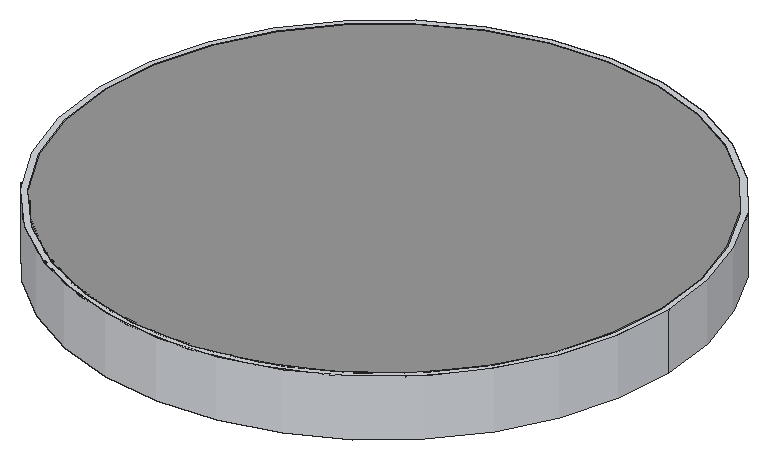
Revit family "2071181", category Lighting Fixtures, host Face, Revit 2018
Family settings
  Host = Face
  Round Connector Dimension = Use Diameter
  Part Type = Normal
  OmniClass Number = 23.80.70.00
  OmniClass Title = Lighting
  Cut with Voids When Loaded = No
  Light Source = Yes
  Shared = No
  Room Calculation Point = No
Parameters (values of type "2071181 COLOSSAL 600 840 PR DIR WHT DALI")
  iner diameter = 588 mm
  Weight = "n/a"
  Wattage Comments = ""
  Wattage = 30 W
  WarrantyStartDate [instance] = "n/a"
  WarrantyGuarantorParts = "n/a"
  WarrantyDurationUnit = "n/a"
  WarrantyDurationParts = ""
  WarrantyDescription = "http://www.sylvania-lighting.com"
  built-in parameter 1150110 = 1 (stored number, unit not read)
  Voltage = 230 V
  URL = "0.99"
  TypeName = "COLOSSAL 600mm 840 PRISM DIR WHITE DALI"
  Type Image = <None>
  Type Comments = "n/a"
  built-in parameter 1114217 = 1 (stored number, unit not read)
  Tilt Angle = -90.00°
  built-in parameter 1150109 = 1 (stored number, unit not read)
  built-in parameter 1150134 = (empty or 0)
  built-in parameter 1150113 = 1 (stored number, unit not read)
  SerialNumber [instance] = "n/a"
  Photometric Web File = "2071181.ies"
  Material_3_SYL = LED-Sylvania
  PowerFactor = 0
  PowerConsumption = "Lighting"
  NominalLength = 600 mm
  NominalHeight = 93 mm
  NominalDepth = 600 mm
  Name = "COLOSSAL 600mm 840 PRISM DIR WHITE DALI"
  ModelReference = Name  # "COLOSSAL 600mm 840 PRISM DIR WHITE DALI"
  ModelNumber = "2071181"
  Model = Name  # "COLOSSAL 600mm 840 PRISM DIR WHITE DALI"
  Material = "Feilo Sylvania"
  ManufacturerName = "128 lm/W"
  Manufacturer = ""
  LuminousEfficacy = ""
  built-in parameter 1150105 = 270.44 (stored number, unit not read)
  Lumens = 3398.4 lm
  LuminaireType = "0"
  built-in parameter 1150115 = 1 (stored number, unit not read)
  LightOutputRatio = "LED"
  built-in parameter 1150137 = (empty or 0)
  built-in parameter 1150139 = (empty or 0)
  LampsType = Lamp  # "n/a"
  LampNominalLuminous = "4000 K"
  LampMacAdamStep = "80"
  LampColourTemperature = "LED"
  LampColourRenderingIndex = "16500"
  built-in parameter 1150112 = 1 (stored number, unit not read)
  built-in parameter 1150114 = 1 (stored number, unit not read)
  Lamp = "n/a"
  Keynote = "n/a"
  InstallationDate [instance] = "n/a"
  InputVoltage = "0"
  InputNominalFrequency = "4000"
  built-in parameter 1150132 = (empty or 0)
  built-in parameter 1150102 = (empty or 0)
  built-in parameter 1150107 = 3000 (stored number, unit not read)
  built-in parameter 1150138 = (empty or 0)
  IngressProtection = "IfcLightFixtureType"
  ImpactProtectionIndex = "IfcLightFixtureType"
  built-in parameter 1150106 = 2.7044 (stored number, unit not read)
  IfcExportType = "IfcLightFixtureType"
  IfcExportAs = "Class I"
  Emit from Circle Diameter = 385 mm
  Emit Shape Visible in Rendering = no
  ElectricShockClassification = "128"
  built-in parameter 1150104 = 10.524 (stored number, unit not read)
  DocumentationLiterature = "http://www.sylvania-lighting.com/product/en-int/products/2071181"
  DimmingControlOptions = "n/a"
  Material_2_SYL = Polycarbonate_Sylvania_White
  Dimming Lamp Color Temperature Shift = <None>
  Description = "600mm diameter circular architectural luminaire, can be surface mounted or suspended. Powder coated aluminium housing (RAL9016) with PMMA prismatic diffuser. Direct light distribution, 3995lm luminuous flux, 31.3W system power, 128lm/W luminiaire efficacy. DALI dimmable. Colour rendering index Ra >80, 4000K Neutral White LED, chromaticity tolerance of 3-step MacAdam ellipse. IP40, IK03. 350mA drive current. UGR≤19. Electrical protection Class1, 220-240V. Reported lifetime 66k hours L90B10."
  Default Elevation = 1219.2 mm
  CreatedOn = "23/03/2022"
  CreatedBy = "@sylvania-lighting.com"
  Cost = 0
  Color Filter = 16777215
  built-in parameter 1114216 [instance] = (empty or 0)
  ClassificationValue = "EF_70_80"
  ClassificationName = "Uniclass2015"
  Material_1_SYL = Polycarbonate_Sylvania_Opal
  BarCode [instance] = "n/a"
  built-in parameter 1114218 = 1 (stored number, unit not read)
  built-in parameter 1150133 = 10 (stored number, unit not read)
  AssetType = "Fixed"
  AssetIdentifier [instance] = "n/a"
  Assembly Code = "D5020200"
  Apparent Load = 31.3 VA
  Material_4_SYL = none
Reference planes
  plane 1 "Center (Front/Back)": y = 0
  plane 2: z = 0
  plane 3 "Center (Left/Right)": x = 0
  plane 4: x = -300
  plane 5: x = 300
  plane 6: y = 300
  plane 7: y = -300
  plane 8: y = 212
  plane 9: y = -212
  plane 10: z = 93
  plane 11: y = 294
  plane 12: y = -294
  plane 13: through (0, 0, 1219.2) normal (0.5, -0.866, 0)
  plane 14: through (-134.29, 20.617, 1219.2) normal (0.5, -0.866, 0)
  plane 15: through (-144.685, -181.683, 1219.2) normal (-0.5, 0.866, 0)
  plane 16: through (0, 0, 1219.2) normal (0.5, 0.866, 0)
  plane 17: through (178.555, -4.939, 1219.2) normal (0.5, 0.866, 0)
  plane 18: through (87.581, -148.715, 1219.2) normal (0.5, 0.866, 0)
  plane 19: y = 272
  plane 20: through (105.168, 227.067, 1219.2) normal (0.866, 0.5, 0)
  plane 21: through (-104.171, 225.672, 1219.2) normal (0.8572, -0.515, 0)
  plane 22: y = -204.612
  plane 23: through (-296.643, -30.2, 1219.2) normal (0.866, 0.5, 0)
  plane 24: through (153.092, -278.837, 1219.2) normal (-0.866, 0.5, 0)
Forms (mm)
  Extrusion 1, solid, detail levels medium+fine
    sketch origin (0, 0, 0) x (1, 0, 0) y (0, 1, 0)
      loop
        circle (0, 0) r 300
    from 33.023 to 93
  Extrusion 2, void
    sketch origin (0, 0, 0) x (1, 0, 0) y (0, 1, 0)
      loop
        circle (0, 0) r 294
    from 93 to 37.292
  Extrusion 3, solid, material "Glass, White, High Luminance", detail levels fine
    sketch origin (0, 0, 0) x (1, 0, 0) y (0, 1, 0)
      loop
        circle (0, 0) r 294
    from 88.026 to 93
  Extrusion 4, solid, detail levels coarse
    sketch origin (0, 0, 0) x (1, 0, 0) y (0, 1, 0)
      loop
        line (-300, 300) -> (-300, -300) -> (300, -300) -> (300, 300) -> (-300, 300)
    from 0 to 93
  Blend 5, solid, detail levels medium+fine
    base sketch origin (0, 0, 0) x (1, 0, 0) y (0, 1, 0)
      loop
        line (-76.334, 272) -> (-277.665, -63.07) -> (-195.946, -204.612) -> (195.946, -204.612) -> (275.172, -67.388) -> (79.226, 272) -> (-76.334, 272)
    top sketch origin (0, 0, 0) x (1, 0, 0) y (0, 1, 0)
      loop
        line (-226.097, -32.388) -> (-141.097, -179.612) -> (141.097, -179.612) -> (226.097, -32.388) -> (85, 212) -> (-85, 212) -> (-226.097, -32.388)
    from 33.023 to 0
Cuts and joins
  Extrusion 2 cuts Extrusion 1
Lines and regions (mm)
  model lines
    curve 1: line (-85, 212, 0) -> (0, 212, 0)
    curve 2: line (0, 212, 0) -> (85, 212, 0)
Dimensions and locks
  "NominalDepth": plane 6 to plane 7
  "NominalLength": plane 4 to plane 5
  equal spacing: plane 4, plane 3 "Center (Left/Right)", plane 5
  "iner diameter": plane 11 to plane 12
  equal spacing: plane 11, plane 1 "Center (Front/Back)", plane 12
  equal spacing: plane 6, plane 1 "Center (Front/Back)", plane 7
  "NominalHeight": plane 10 to level
  radius of Extrusion 2 sketch curve = 294 mm
  aligned and locked: plane 2 to host face
  aligned and locked: level to host face
Automatic sketch dimensions
  host sketch curve to host sketch curve = 2438.4 mm  (x2)
  plane 1 "Center (Front/Back)" to Extrusion 1 sketch curve = 0 mm
  Extrusion 1 sketch curve to plane 3 "Center (Left/Right)" = 0 mm
  plane 1 "Center (Front/Back)" to Extrusion 2 sketch curve = 0 mm
  Extrusion 2 sketch curve to plane 3 "Center (Left/Right)" = 0 mm
  plane 1 "Center (Front/Back)" to Extrusion 3 sketch curve = 0 mm
  Extrusion 3 sketch curve to plane 3 "Center (Left/Right)" = 0 mm
  Extrusion 4 sketch curve to plane 4 = 0 mm
  Extrusion 4 sketch curve to plane 5 = 0 mm
  Extrusion 4 sketch curve to plane 7 = 0 mm
  Extrusion 4 sketch curve to plane 6 = 0 mm
  Blend 5 sketch curve to plane 8 = 0 mm
  Blend 5 sketch curve to plane 3 "Center (Left/Right)" = 85 mm
  plane 3 "Center (Left/Right)" to Blend 5 sketch curve = 85 mm
  plane 9 to Blend 5 sketch curve = 32.388 mm
  plane 3 "Center (Left/Right)" to Blend 5 sketch curve = 141.097 mm
  plane 1 "Center (Front/Back)" to Blend 5 sketch curve = 32.388 mm  (x2)
  Blend 5 sketch curve to plane 5 = 73.903 mm
  Blend 5 sketch curve to plane 3 "Center (Left/Right)" = 141.097 mm
  plane 4 to Blend 5 sketch curve = 73.903 mm
  curve 1 to plane 8 = 0 mm
  curve 2 to plane 3 "Center (Left/Right)" = 0 mm
  curve 1 to plane 3 "Center (Left/Right)" = 85 mm
  curve 1 to curve 2 = 85 mm
  Blend 5 sketch curve to plane 21 = 0 mm
  Blend 5 sketch curve to plane 23 = 0 mm  (x2)
  Blend 5 sketch curve to plane 22 = 0 mm
  Blend 5 sketch curve to plane 19 = 0 mm
  plane 21 to Blend 5 sketch curve = 0 mm
  Blend 5 sketch curve to plane 20 = 0 mm  (x2)
  Blend 5 sketch curve to plane 24 = 0 mm  (x2)
  radius of Extrusion 1 sketch curve = 300 mm
  radius of Extrusion 3 sketch curve = 294 mm
Connectors
  electrical at (0, 0, 0), driven by "Apparent Load", driven by "PowerFactor", driven by "Voltage"
    settings: index 1, voltage 230 V, apparent load 31.3 VA, apparent load phase1 0 VA, apparent load phase2 0 VA, apparent load phase3 0 VA, power factor 0, load classification "Lighting", number of poles 1, system type 30, power factor state 1, is connector primary yes, connector utility no, sub classification motor no, connector description ""
